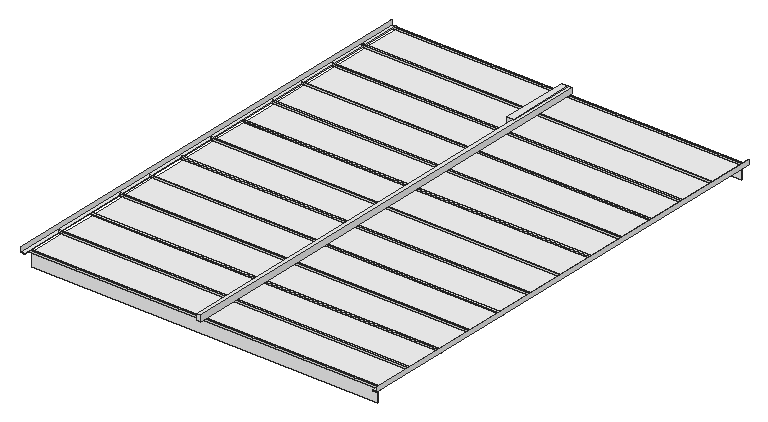
Revit family "Retractable-Canopy_ShadeFX", category Specialty Equipment, Revit 2025
Family settings
  Round Connector Dimension = Use Diameter
  Part Type = Normal
  OmniClass Number = 23.35.00.00
  OmniClass Title = Covering, Cladding, and Finishes
  Work Plane-Based = No
  Enable Cutting in Views = No
  Always vertical = Yes
  Cut with Voids When Loaded = No
  Maintain Annotation Orientation = No
  Shared = No
  Room Calculation Point = No
Parameters
  URL = "https://www.shadefxcanopies.com/"
  Structure Material [instance] = ShadeFX - Aluminum Finish
  Specification = "https://www.arcat.com/company/shadefx-50995/spec"
  Retracted Length [instance] = if(or(Length = 8' 0", Length < 9' 0"), 1' 0 1/4", if(or(Length = 9' 0", Length < 10' 0"), 1' 2 1/4", if(or(Length = 10' 0", Length < 11' 0"), 2' 2 1/4", if(or(Length = 11' 0", Length < 12' 0"), 2' 4 1/4", if(or(Length = 12' 0", Length < 13' 3"), 2' 6 1/4", if(or(Length = 13' 3", Length < 14' 0"), 2' 6 1/4", if(or(Length = 14' 0", Length < 15' 0"), 2' 8 1/4", if(or(Length = 15' 0", Length = 16' 0"), 2' 8 1/4", if(or(Length = 16' 0", Length < 17' 0"), 2' 10 1/4", if(or(Length = 17' 0", Length < 18' 0"), 3' 0 1/4", if(or(Length = 18' 0", Length < 19' 0"), 3' 0 1/4", if(or(Length = 19' 0", Length < 20' 0"), 3' 2 1/4", if(or(Length = 20' 0", Length < 21' 0"), 3' 2 1/4", if(or(Length = 21' 0", Length < 22' 0"), 3' 4 1/4", if(or(Length = 22' 0", Length < 23' 0"), 3' 6 1/4", if(or(Length = 23' 0", Length < 26' 0"), 3' 6 1/4", if(or(Length = 26' 0", Length < 27' 0"), 3' 10 1/4", if(or(Length = 27' 0", Length < 29' 0"), 4' 0 1/4", if(or(Length = 29' 0", Length < 30' 0"), 4' 2 1/4", if(Length = 30' 0", 4' 2 1/4", 1' 0"))))))))))))))))))))  # 3' - 0 1/4"
  Retracted Canopy [instance] = not(Extended Canopy)  # no
  Motor [instance] = yes
  Max Length and Width [instance] = "Contact us (spec@shadefx.com) for > length 30' x width 20'"
  Width [instance] = 14' - 0"
  Product Page URL = "https://www.arcat.com/company/shadefx-50995"
  Model = "Retractable Canopy."  # constant formula
  Manufacturer = "ShadeFX"  # constant formula
  Length [instance] = 18' - 0"
  Keynote = "10 73 16"
  Gutter [instance] = no
  Track Length [instance] = Length - 0' 8"  # 17' - 4"
  Extended Canopy [instance] = yes
  Description = "Single track retractable canopies."  # constant formula
  Default Elevation = 0' - 0"
  Cover Material [instance] = ShadeFX - Fabric Color
  Copyright = "ARCAT"
  CAD Details = "https://www.arcat.com/company/shadefx-50995/cad"
  # of Wings [instance] = if(or(Length = 8' 0", Length < 9' 0"), 6, if(or(Length = 9' 0", Length < 10' 0"), 7, if(or(Length = 10' 0", Length < 11' 0"), 7, if(or(Length = 11' 0", Length < 12' 0"), 8, if(or(Length = 12' 0", Length < 13' 3"), 9, if(or(Length = 13' 3", Length < 14' 0"), 9, if(or(Length = 14' 0", Length < 15' 0"), 10, if(or(Length = 15' 0", Length = 16' 0"), 10, if(or(Length = 16' 0", Length < 17' 0"), 11, if(or(Length = 17' 0", Length < 18' 0"), 12, if(or(Length = 18' 0", Length < 19' 0"), 12, if(or(Length = 19' 0", Length < 20' 0"), 13, if(or(Length = 20' 0", Length < 21' 0"), 13, if(or(Length = 21' 0", Length < 22' 0"), 14, if(or(Length = 22' 0", Length < 23' 0"), 15, if(or(Length = 23' 0", Length < 24' 0"), 15, if(or(Length = 24' 0", Length < 26' 0"), 16, if(or(Length = 26' 0", Length < 27' 0"), 17, if(or(Length = 27' 0", Length < 29' 0"), 18, if(or(Length = 29' 0", Length < 30' 0"), 19, if(Length = 30' 0", 19, 2)))))))))))))))))))))  # 12
Reference planes (in)
  plane 1 "Center (Front/Back)": y = -60
  plane 2: z = 0
  plane 3 "Center (Left/Right)": x = 8.84676
  plane 4: y = -168
  plane 5: x = -75.15324
  plane 6: x = 92.84676
  plane 7: y = 48
  plane 8: x = -71.15324
  plane 9: x = 88.84676
  plane 10: y = -164
  plane 11: y = 44
  plane 12: z = 120
  plane 13: z = 117
  plane 14 "Canopy Host": z = 113.875
  plane 15: y = 13.5
Forms (in)
  Extrusion 1, solid, material "ShadeFX - Aluminum Finish" <- "Structure Material"
    sketch origin (0, -60, 0) x (1, 0, 0) y (0, 0, 1)
      loop
        line (7.95676, 117) -> (7.95676, 114.48) -> (9.73676, 114.48) -> (9.73676, 117) -> (7.95676, 117)
    from -104 to 104
  Extrusion 2, solid, material "ShadeFX - Aluminum Finish" <- "Structure Material", visible <- "Motor"
    sketch origin (0, -60, 0) x (1, 0, 0) y (0, 0, 1)
      loop
        line (5.02676, 117) -> (5.02676, 114.7) -> (7.95676, 114.7) -> (7.95676, 117) -> (5.02676, 117)
    from -104 to -73.5
  Sweep 3, solid, material "ShadeFX - Aluminum Finish" <- "Structure Material"
    path origin (0, 0, 0) x (1, 0, 0) y (0, 1, 0)
      loop
        line (8.84676, 44) -> (8.84676, -164)
    profile origin (8.84676, -60, 0) x (1, 0, 0) y (0, 0, 1)
      loop
        line (-80, 113.875) -> (-78, 113.875) -> (-78, 114) -> (-79.875, 114) -> (-79.875, 115.875) -> (-80, 115.875) -> (-80, 113.875)
      loop
        line (78, 113.875) -> (80, 113.875) -> (80, 115.875) -> (79.875, 115.875) -> (79.875, 114) -> (78, 114) -> (78, 113.875)
Dimensions and locks (in)
  plane 1 "Center (Front/Back)" to nested 1 = 9' - 0"
  nested 2 to nested 1 = 17' - 4"
  nested 1 to nested 1 = 0' - 4"
  nested 1 to nested 2 = 17' - 4"
  plane 1 "Center (Front/Back)" to nested 3 = 8' - 8"
  nested 3 to nested 1 = 17' - 4"
  nested 1 to plane 1 "Center (Front/Back)" = 9' - 0"
  nested 1 to nested 3 = 17' - 4"
  equal spacing: plane 5, plane 3 "Center (Left/Right)", plane 6
  "Width": plane 5 to plane 6
  equal spacing: plane 4, plane 1 "Center (Front/Back)", plane 7
  "Length": plane 7 to plane 4
  equal spacing: plane 11, plane 1 "Center (Front/Back)", plane 10
  "Track Length": plane 11 to plane 10
  plane 12 to plane 2 = 10' - 0"
  plane 13 to plane 12 = 0' - 3"
  locked: plane 13 to plane 14 "Canopy Host" at 3.125
  locked: plane 13 to Extrusion 1 sketch curve at 2.52
  equal spacing: Extrusion 1 sketch curve, plane 3 "Center (Left/Right)", Extrusion 1 sketch curve
  locked: Extrusion 1 sketch curve to Extrusion 1 sketch curve at 1.78
  plane 3 "Center (Left/Right)" to Extrusion 2 sketch curve to Extrusion 2 sketch curve = 0' - 0.89" locked, 0' - 2.93" locked
  locked: Extrusion 2 sketch curve to Extrusion 2 sketch curve at 2.3
  locked: plane 11 to plane 15 at 30.5
  locked: Sweep 3 sketch curve to plane 8 at 2
  locked: Sweep 3 sketch curve to plane 14 "Canopy Host" at 2  (x2)
  locked: plane 9 to Sweep 3 sketch curve at 2
  locked: Sweep 3 sketch curve to plane 9 at 0.125
  locked: Sweep 3 sketch curve to plane 8 at 0.125
  locked: plane 5 to plane 8 at 4
  locked: plane 9 to plane 6 at 4
  aligned and locked: plane 2 to level
  aligned and locked: plane 3 "Center (Left/Right)" to nested 2
  aligned and locked: nested 3 to plane 11
  aligned and locked: plane 3 "Center (Left/Right)" to nested 3
  aligned and locked: nested 2 to plane 11
  aligned and locked: Extrusion 1 sketch curve to plane 13
  aligned and locked: plane 11 to Extrusion 1
  aligned and locked: Extrusion 1 to plane 10
  aligned and locked: plane 14 "Canopy Host" to nested 2
  aligned and locked: plane 14 "Canopy Host" to nested 3
  aligned and locked: Extrusion 2 sketch curve to plane 13
  aligned and locked: plane 15 to Extrusion 2
  aligned and locked: plane 3 "Center (Left/Right)" to nested 1
  aligned and locked: nested 1 to plane 1 "Center (Front/Back)"
  aligned and locked: Sweep 3 sketch curve to plane 3 "Center (Left/Right)"
  aligned and locked: plane 11 to Sweep 3 sketch curve
  aligned and locked: plane 10 to Sweep 3 sketch curve
  aligned and locked: Sweep 3 sketch curve to plane 14 "Canopy Host"
  aligned and locked: Sweep 3 sketch curve to plane 8
  aligned and locked: Sweep 3 sketch curve to plane 9
  aligned and locked: plane 14 "Canopy Host" to Sweep 3 sketch curve
  aligned and locked: plane 11 to Extrusion 2
Automatic sketch dimensions
  Sweep 3 sketch curve to Sweep 3 sketch curve = 0' - 0 1/8"  (x2)
Nested families (in)
  nested 1: "PIS_Support Structure" at (-73.15324, 46, 0), Structure Material <- "Structure Material", type "PIS_Support Structure"
    with W 14' - 0", L 18' - 0", Gutter no
  nested 2: "PIS_Retractable Canopy" at (8.84676, 44, 113.125), visible <- "Retracted Canopy", Track Length <- "Track Length", Retracted Length <- "Retracted Length", Width <- "Width", # of Wings <- "# of Wings", Structure Material <- "Structure Material", Cover Material <- "Cover Material", type "PIS_Retractable Canopy"
    with Width 14' - 0", Track Length 17' - 4", Structure Material ShadeFX - Aluminum Finish, Retracted Length 3' - 0 1/4", Module Length 1' - 5", Cover Material ShadeFX - Fabric Color, # of Wings 12
  nested 3: "PIS_Extended Canopy" at (8.84676, 40.40833, 113.125), visible <- "Extended Canopy", Cover Material <- "Cover Material", Track Length <- "Track Length", Width <- "Width", # of Wings <- "# of Wings", Structure Material <- "Structure Material", type "PIS_Extended Canopy"
    with Width 14' - 0", Track Length 17' - 4", Structure Material ShadeFX - Aluminum Finish, Module Length 1' - 5", Cover Material ShadeFX - Fabric Color, # of Wings 12
Connectors (in)
  electrical at (6.49176, 44, 115.85)
    settings: on Extrusion 2, index 1, voltage 0 V, apparent load 0 VA, apparent load phase1 0 VA, apparent load phase2 0 VA, apparent load phase3 0 VA, power factor 1, load classification "Motor", number of poles 1, system type 31, power factor state 1, is connector primary yes, connector utility no, sub classification motor no, connector description ""
Definition of nested family "PIS_Retractable Canopy"
  Parameters (values of type "PIS_Retractable Canopy")
    Width [instance] = 9' - 4"
    URL = ""
    Track Length [instance] = 8' - 0"
    Structure Material [instance] = none
    Retracted Length [instance] = 0' - 10"
    Module Length [instance] = (Track Length - (Back Offset + Front Offset + 0' 0 3/4")) / # of Wings  # 1' - 3.33333"
    Manufacturer = ""
    Keynote = ""
    Front Offset = 0' - 3 1/4"
    Default Elevation = 4' - 0"
    Cover Material [instance] = none
    Back Offset = 0' - 0"
    # of Wings [instance] = 6
  Reference planes (in)
    plane 1 "Center (Front/Back)": y = 0
    plane 2: z = 0
    plane 3 "Center (Left/Right)": x = 0
    plane 4: y = -10
    plane 5: y = 0
    plane 6: x = -56
    plane 7: x = -51
    plane 8: x = 56
    plane 9: x = 51
  Dimensions and locks (in)
    locked: plane 6 to plane 7 at 5
    locked: plane 8 to plane 9 at 5
    equal spacing: plane 6, plane 3 "Center (Left/Right)", plane 8
    "Width": plane 6 to plane 8
    "Back Offset": plane 5 to plane 1 "Center (Front/Back)"
    "Retracted Length": plane 4 to plane 5
    equal spacing: group 1, group 3, group 4, group 5, group 6, group 2  (x2)
    equal spacing: group 2, group 6, group 5, group 4, group 3, group 1
    aligned and locked: plane 2 to level
    aligned and locked: plane 3 "Center (Left/Right)" to nested 1
    aligned and locked: nested 1 to plane 5
    aligned and locked: plane 4 to nested 2
  Nested families (in)
    nested 1: "PIS_Retracted Shade" at (0, 0, 0), W <- "Width", Module Length <- "Module Length", Structure Material <- "Structure Material", type "PIS_Retracted Shade"
      with Width of Shade 8' - 6", W 9' - 4", Structure Material none, Module Length 1' - 3.33333", Canopy Drop 0' - 10.79167"
    nested 2: "PIS_Retracted Shade" at (0, -9.25, 0), W <- "Width", Module Length <- "Module Length", Structure Material <- "Structure Material", type "PIS_Retracted Shade"
      with Width of Shade 8' - 6", W 9' - 4", Structure Material none, Module Length 1' - 3.33333", Canopy Drop 0' - 10.79167"
    nested 3: "PIS_Retracted Shade" at (0, -1.85, 0), W <- "Width", Module Length <- "Module Length", Structure Material <- "Structure Material", type "PIS_Retracted Shade"
      with Width of Shade 8' - 6", W 9' - 4", Structure Material none, Module Length 1' - 3.33333", Canopy Drop 0' - 10.79167"
    nested 4: "PIS_Retracted Shade" at (0, -3.7, 0), W <- "Width", Module Length <- "Module Length", Structure Material <- "Structure Material", type "PIS_Retracted Shade"
      with Width of Shade 8' - 6", W 9' - 4", Structure Material none, Module Length 1' - 3.33333", Canopy Drop 0' - 10.79167"
    nested 5: "PIS_Retracted Shade" at (0, -5.55, 0), W <- "Width", Module Length <- "Module Length", Structure Material <- "Structure Material", type "PIS_Retracted Shade"
      with Width of Shade 8' - 6", W 9' - 4", Structure Material none, Module Length 1' - 3.33333", Canopy Drop 0' - 10.79167"
    nested 6: "PIS_Retracted Shade" at (0, -7.4, 0), W <- "Width", Module Length <- "Module Length", Structure Material <- "Structure Material", type "PIS_Retracted Shade"
      with Width of Shade 8' - 6", W 9' - 4", Structure Material none, Module Length 1' - 3.33333", Canopy Drop 0' - 10.79167"
  Definition of nested family "PIS_Retracted Shade"
    Parameters (values of type "PIS_Retracted Shade")
      Width of Shade [instance] = W - 0' 10"  # 9' - 4"
      W [instance] = 10' - 2"
      Structure Material [instance] = none
      Shade Material = none
      Module Length [instance] = 0' - 11"
      Default Elevation = 0' - 0"
      Canopy Drop [instance] = 0' 3 1/8" + (Module Length * 0.5)  # 0' - 8 5/8"
    Reference planes (in)
      plane 1 "Center (Front/Back)": y = 0
      plane 2: z = 0
      plane 3 "Center (Left/Right)": x = 0
      plane 4: x = -56
      plane 5: x = 56
      plane 6: x = -54.5
      plane 7: x = 54.5
      plane 8: x = -61
      plane 9: x = 61
      plane 10: y = -0.375
      plane 11: y = -0.4375
      plane 12: y = -0.3125
      plane 13: z = 0.75
      plane 14: z = -4.75
      plane 15: z = 3.875
    Forms (in)
      Extrusion 1, solid, material <- "Structure Material"
        sketch origin (0, 0, 0) x (1, 0, 0) y (0, 1, 0)
          loop
            line (-56, -0.75) -> (56, -0.75) -> (56, 0) -> (-56, 0) -> (-56, -0.75)
        from 0 to 0.75
      Extrusion 2, solid, material <- "Shade Material"
        sketch origin (-54.5, 5.00454, 48) x (0, -1, 0) y (0, 0, 1)
          loop
            line (5.31704, -52.75) -> (5.44204, -52.75) -> (5.44204, -48) -> (5.31704, -48) -> (5.31704, -52.75)
        from 0 to -109
    Dimensions and locks (in)
      equal spacing: plane 4, plane 3 "Center (Left/Right)", plane 5
      locked: plane 4 to plane 6 at 1.5
      locked: plane 7 to plane 5 at 1.5
      "Width of Shade": plane 4 to plane 5
      "W": plane 8 to plane 9
      equal spacing: plane 12, plane 10, plane 11
      locked: plane 11 to plane 12 at 0.125
      locked: Extrusion 1 sketch curve to plane 1 "Center (Front/Back)" at 0.75
      locked: plane 10 to plane 1 "Center (Front/Back)" at 0.375
      locked: plane 13 to plane 2 at 0.75
      "Canopy Drop": plane 15 to plane 14
      locked: plane 15 to plane 13 at 3.125
      locked: plane 8 to plane 4 at 5
      aligned and locked: plane 2 to level
      aligned and locked: plane 4 to Extrusion 1  (x2)
      aligned and locked: Extrusion 1 sketch curve to plane 5
      aligned and locked: plane 4 to Extrusion 1 sketch curve
      aligned and locked: Extrusion 1 sketch curve to plane 1 "Center (Front/Back)"
      aligned and locked: plane 13 to Extrusion 1
      aligned and locked: plane 14 to Extrusion 2 sketch curve
      aligned and locked: plane 2 to Extrusion 2 sketch curve
      aligned and locked: Extrusion 2 sketch curve to plane 12
      aligned and locked: plane 11 to Extrusion 2 sketch curve
      aligned and locked: Extrusion 2 to plane 7
      aligned and locked: plane 6 to Extrusion 2
Definition of nested family "PIS_Extended Canopy"
  Parameters (values of type "PIS_Extended Canopy")
    Width [instance] = 9' - 4"
    URL = ""
    Track Length [instance] = 23' - 0"
    Structure Material [instance] = none
    Front Offset = 0' - 3 1/4"
    Module Length [instance] = (Track Length - (Back Offset + Front Offset + 0' 0 3/4")) / # of Wings  # 1' - 6.13333"
    Manufacturer = ""
    Keynote = ""
    Default Elevation = 4' - 0"
    Cover Material [instance] = none
    Back Offset = 0' - 0"
    # of Wings [instance] = 15
  Reference planes (in)
    plane 1 "Center (Front/Back)": y = 3.59167
    plane 2: z = 0
    plane 3 "Center (Left/Right)": x = 0
    plane 4: y = 2.84167
    plane 5: y = -15.29167
    plane 6: z = 0.75
    plane 7: x = -56
    plane 8: x = 56
    plane 9: x = -51
    plane 10: x = 51
    plane 11: y = -269.15833
    plane 12: y = -272.40833
    plane 13: y = 3.59167
    plane 14: x = -52
    plane 15: x = 52
    plane 16: x = -49.5
    plane 17: x = 49.5
  Forms (in)
    Extrusion 1, solid, material <- "Structure Material"
      sketch origin (0, 0, 0) x (0, 1, 0) y (0, 0, 1)
        loop
          line (3.59167, 0.75) -> (2.84167, 0.75) -> (2.84167, 0) -> (3.59167, 0) -> (3.59167, 0.75)
      from -51 to 51
    Extrusion 2, solid, material <- "Cover Material"
      sketch origin (-51, 8.08845, 216) x (0, 1, 0) y (0, 0, 1)
        loop
          line (-276.87178, -216) -> (-276.93428, -216) -> (-276.93428, -222) -> (-276.87178, -222) -> (-276.87178, -216)
        loop
          line (-4.8272, -216) -> (-4.8897, -216) -> (-4.8897, -222) -> (-4.8272, -222) -> (-4.8272, -216)
      from 1.5 to 100.5
  Dimensions and locks (in)
    locked: plane 13 to plane 4 at 0.75
    "Module Length": plane 4 to plane 5
    locked: plane 6 to plane 2 at 0.75
    equal spacing: plane 7, plane 3 "Center (Left/Right)", plane 8
    "Width": plane 7 to plane 8
    plane 7 to plane 14 to plane 9 = 0' - 4" locked, 0' - 1" locked
    plane 10 to plane 15 to plane 8 = 0' - 1" locked, 0' - 4" locked
    "Front Offset": plane 11 to plane 12
    equal spacing: group 1, group 3, group 4, group 5, group 6, group 7, group 8, group 9, group 10, group 11, group 12, group 13, group 14, group 15, group 2  (x2)
    equal spacing: group 2, group 15, group 14, group 13, group 12, group 11, group 10, group 9, group 8, group 7, group 6, group 5, group 4, group 3, group 1
    plane 1 "Center (Front/Back)" to plane 13 = 0' - 0"
    "Back Offset": plane 1 "Center (Front/Back)" to plane 13
    "Track Length": plane 1 "Center (Front/Back)" to plane 12
    locked: plane 2 to Extrusion 2 sketch curve at 6  (x2)
    Extrusion 2 sketch curve to Extrusion 2 sketch curve to plane 11 = 0' - 0 1/16" locked, 0' - 0 5/16" locked
    plane 13 to Extrusion 2 sketch curve to Extrusion 2 sketch curve = 0' - 0.33042" locked, 0' - 0 1/16" locked
    locked: plane 9 to plane 16 at 1.5
    locked: plane 17 to plane 10 at 1.5
    aligned and locked: plane 2 to level
    aligned and locked: plane 3 "Center (Left/Right)" to nested 1
    aligned and locked: nested 1 to plane 4
    aligned and locked: plane 6 to Extrusion 1 sketch curve
    aligned and locked: plane 4 to Extrusion 1 sketch curve
    aligned and locked: plane 2 to Extrusion 1 sketch curve
    aligned and locked: Extrusion 1 to plane 9
    aligned and locked: plane 10 to Extrusion 1
    aligned and locked: nested 2 to plane 11
    aligned and locked: plane 13 to Extrusion 1 sketch curve
    aligned and locked: plane 2 to Extrusion 2 sketch curve
    aligned and locked: Extrusion 2 sketch curve to plane 2
    aligned and locked: plane 16 to Extrusion 2
    aligned and locked: Extrusion 2 to plane 17
  Nested families (in)
    nested 1: "PIS_Extended Shade" at (1.98455, 3.71667, 0), Cover Material <- "Cover Material", Module Length <- "Module Length", W <- "Width", Structure Material <- "Structure Material", type "PIS_Extended Shade"
      with Width of Extended Canopy 8' - 6", W 9' - 4", Structure Material none, Module Length 1' - 6.13333", Cover Material none
    nested 2: "PIS_Extended Shade" at (1.98455, -250.15, 0), Cover Material <- "Cover Material", Module Length <- "Module Length", W <- "Width", Structure Material <- "Structure Material", type "PIS_Extended Shade"
      with Width of Extended Canopy 8' - 6", W 9' - 4", Structure Material none, Module Length 1' - 6.13333", Cover Material none
    nested 3: "PIS_Extended Shade" at (1.98455, -14.41667, 0), Cover Material <- "Cover Material", Module Length <- "Module Length", W <- "Width", Structure Material <- "Structure Material", type "PIS_Extended Shade"
      with Width of Extended Canopy 8' - 6", W 9' - 4", Structure Material none, Module Length 1' - 6.13333", Cover Material none
    nested 4: "PIS_Extended Shade" at (1.98455, -32.55, 0), Cover Material <- "Cover Material", Module Length <- "Module Length", W <- "Width", Structure Material <- "Structure Material", type "PIS_Extended Shade"
      with Width of Extended Canopy 8' - 6", W 9' - 4", Structure Material none, Module Length 1' - 6.13333", Cover Material none
    nested 5: "PIS_Extended Shade" at (1.98455, -50.68333, 0), Cover Material <- "Cover Material", Module Length <- "Module Length", W <- "Width", Structure Material <- "Structure Material", type "PIS_Extended Shade"
      with Width of Extended Canopy 8' - 6", W 9' - 4", Structure Material none, Module Length 1' - 6.13333", Cover Material none
    nested 6: "PIS_Extended Shade" at (1.98455, -68.81667, 0), Cover Material <- "Cover Material", Module Length <- "Module Length", W <- "Width", Structure Material <- "Structure Material", type "PIS_Extended Shade"
      with Width of Extended Canopy 8' - 6", W 9' - 4", Structure Material none, Module Length 1' - 6.13333", Cover Material none
    nested 7: "PIS_Extended Shade" at (1.98455, -86.95, 0), Cover Material <- "Cover Material", Module Length <- "Module Length", W <- "Width", Structure Material <- "Structure Material", type "PIS_Extended Shade"
      with Width of Extended Canopy 8' - 6", W 9' - 4", Structure Material none, Module Length 1' - 6.13333", Cover Material none
    nested 8: "PIS_Extended Shade" at (1.98455, -105.08333, 0), Cover Material <- "Cover Material", Module Length <- "Module Length", W <- "Width", Structure Material <- "Structure Material", type "PIS_Extended Shade"
      with Width of Extended Canopy 8' - 6", W 9' - 4", Structure Material none, Module Length 1' - 6.13333", Cover Material none
    nested 9: "PIS_Extended Shade" at (1.98455, -123.21667, 0), Cover Material <- "Cover Material", Module Length <- "Module Length", W <- "Width", Structure Material <- "Structure Material", type "PIS_Extended Shade"
      with Width of Extended Canopy 8' - 6", W 9' - 4", Structure Material none, Module Length 1' - 6.13333", Cover Material none
    nested 10: "PIS_Extended Shade" at (1.98455, -141.35, 0), Cover Material <- "Cover Material", Module Length <- "Module Length", W <- "Width", Structure Material <- "Structure Material", type "PIS_Extended Shade"
      with Width of Extended Canopy 8' - 6", W 9' - 4", Structure Material none, Module Length 1' - 6.13333", Cover Material none
    nested 11: "PIS_Extended Shade" at (1.98455, -159.48333, 0), Cover Material <- "Cover Material", Module Length <- "Module Length", W <- "Width", Structure Material <- "Structure Material", type "PIS_Extended Shade"
      with Width of Extended Canopy 8' - 6", W 9' - 4", Structure Material none, Module Length 1' - 6.13333", Cover Material none
    nested 12: "PIS_Extended Shade" at (1.98455, -177.61667, 0), Cover Material <- "Cover Material", Module Length <- "Module Length", W <- "Width", Structure Material <- "Structure Material", type "PIS_Extended Shade"
      with Width of Extended Canopy 8' - 6", W 9' - 4", Structure Material none, Module Length 1' - 6.13333", Cover Material none
    nested 13: "PIS_Extended Shade" at (1.98455, -195.75, 0), Cover Material <- "Cover Material", Module Length <- "Module Length", W <- "Width", Structure Material <- "Structure Material", type "PIS_Extended Shade"
      with Width of Extended Canopy 8' - 6", W 9' - 4", Structure Material none, Module Length 1' - 6.13333", Cover Material none
    nested 14: "PIS_Extended Shade" at (1.98455, -213.88333, 0), Cover Material <- "Cover Material", Module Length <- "Module Length", W <- "Width", Structure Material <- "Structure Material", type "PIS_Extended Shade"
      with Width of Extended Canopy 8' - 6", W 9' - 4", Structure Material none, Module Length 1' - 6.13333", Cover Material none
    nested 15: "PIS_Extended Shade" at (1.98455, -232.01667, 0), Cover Material <- "Cover Material", Module Length <- "Module Length", W <- "Width", Structure Material <- "Structure Material", type "PIS_Extended Shade"
      with Width of Extended Canopy 8' - 6", W 9' - 4", Structure Material none, Module Length 1' - 6.13333", Cover Material none
  Definition of nested family "PIS_Extended Shade"
    Parameters (values of type "PIS_Extended Shade")
      Width of Extended Canopy [instance] = W - 0' 10"  # 8' - 0"
      W [instance] = 8' - 10"
      Structure Material [instance] = none
      Module Length [instance] = 1' - 2 5/8"
      Default Elevation = 0' - 0"
      Cover Material [instance] = none
    Reference planes (in)
      plane 1 "Center (Front/Back)": y = -0.875
      plane 2: z = 0
      plane 3 "Center (Left/Right)": x = -1.98455
      plane 4: x = -54.98455
      plane 5: x = 51.01545
      plane 6: x = -49.98455
      plane 7: x = 46.01545
      plane 8: y = -15.5
      plane 9: y = -14.75
      plane 10: x = -48.48455
      plane 11: x = 44.51545
    Forms (in)
      Extrusion 1, solid, material <- "Cover Material"
        sketch origin (0, 0, 0) x (1, 0, 0) y (0, 1, 0)
          loop
            line (-48.48455, -14.75) -> (44.51545, -14.75) -> (44.51545, -0.875) -> (-48.48455, -0.875) -> (-48.48455, -14.75)
        from 0 to 0.0625
      Extrusion 2, solid, material <- "Structure Material"
        sketch origin (0, 0, 0) x (1, 0, 0) y (0, 1, 0)
          loop
            line (-49.98455, -14.75) -> (-49.98455, -15.5) -> (46.01545, -15.5) -> (46.01545, -14.75) -> (-49.98455, -14.75)
        from 0 to 0.75
    Dimensions and locks (in)
      equal spacing: plane 4, plane 3 "Center (Left/Right)", plane 5
      "W": plane 4 to plane 5
      plane 4 to plane 6 = 0' - 5"
      "Width of Extended Canopy": plane 6 to plane 7
      plane 8 to plane 1 "Center (Front/Back)" = 1' - 2 5/8"
      plane 9 to plane 8 = 0' - 0 3/4"
      "Module Length": plane 8 to plane 1 "Center (Front/Back)"
      locked: plane 6 to plane 10 at 1.5
      locked: plane 11 to plane 7 at 1.5
      aligned and locked: plane 2 to level
      aligned and locked: Extrusion 2 to plane 6
      aligned and locked: Extrusion 2 to plane 8
      aligned and locked: Extrusion 2 to Extrusion 1
      aligned and locked: plane 9 to Extrusion 2 sketch curve
      aligned and locked: Extrusion 2 sketch curve to plane 7
      aligned and locked: Extrusion 1 sketch curve to plane 1 "Center (Front/Back)"
      aligned and locked: Extrusion 1 to plane 2
      aligned and locked: Extrusion 1 sketch curve to plane 10
      aligned and locked: Extrusion 1 sketch curve to plane 11
    Automatic sketch dimensions
      plane 9 to Extrusion 1 sketch curve = 0' - 0"
      Extrusion 2 sketch curve to plane 6 = 0' - 0"
      Extrusion 2 sketch curve to plane 8 = 0' - 0"
Definition of nested family "PIS_Support Structure"
  Parameters (values of type "PIS_Support Structure")
    W = 10' - 0"
    Support 4 = no
    Support 3 = no
    Support 2 = no
    Support 1 = no
    Structure Material [instance] = none
    Right Support = no
    Left Support = no
    L = 12' - 0"
    Height of Support = 10' - 0"
    Gutter = yes
    Front Support = no
    Default Elevation = 0' - 0"
    Center Ridge = no
    Back Support = no
  Reference planes (in)
    plane 1: y = 0
    plane 2: z = 0
    plane 3: x = 0
    plane 4: y = -140
    plane 5: x = 116
    plane 6 "Center (Left/Right)": x = 58
    plane 7: z = 120
    plane 8: z = 117
    plane 9: z = 116
    plane 10: z = 119
    plane 11: x = -2
    plane 12: x = 2
    plane 13: x = 114
    plane 14: x = 118
    plane 15: y = -142
    plane 16: y = -138
    plane 17: y = -2
    plane 18: y = 2
    plane 19: z = 106
    plane 20: z = 102
    plane 21 "Center (Front/Back)": y = -70
    plane 22: x = 114.25
    plane 23: x = 1.75
  Forms (in)
    Extrusion 1, solid, material <- "Structure Material", visible <- "Support 2"
      sketch origin (0, -212, 0) x (1, 0, 0) y (0, 1, 0)
        loop
          line (-2, 74) -> (-2, 70) -> (2, 70) -> (2, 74) -> (-2, 74)
        loop
          line (-1.75, 73.75) -> (-1.75, 70.25) -> (1.75, 70.25) -> (1.75, 73.75) -> (-1.75, 73.75)
      from 6 to 120
    Extrusion 2, solid, material <- "Structure Material", visible <- "Support 1"
      sketch origin (0, 0, 0) x (1, 0, 0) y (0, 1, 0)
        loop
          line (-2, 2) -> (-2, -2) -> (2, -2) -> (2, 2) -> (-2, 2)
        loop
          line (-1.75, 1.75) -> (-1.75, -1.75) -> (1.75, -1.75) -> (1.75, 1.75) -> (-1.75, 1.75)
      from 6 to 120
    Extrusion 3, solid, material <- "Structure Material", visible <- "Support 3"
      sketch origin (212, 0, 0) x (1, 0, 0) y (0, 1, 0)
        loop
          line (-98, 2) -> (-98, -2) -> (-94, -2) -> (-94, 2) -> (-98, 2)
        loop
          line (-97.75, 1.75) -> (-97.75, -1.75) -> (-94.23695, -1.75) -> (-94.23695, 1.75) -> (-97.75, 1.75)
      from 6 to 120
    Extrusion 4, solid, material <- "Structure Material", visible <- "Support 4"
      sketch origin (212, -212, 0) x (1, 0, 0) y (0, 1, 0)
        loop
          line (-98, 74) -> (-98, 70) -> (-94, 70) -> (-94, 74) -> (-98, 74)
        loop
          line (-97.75, 73.75) -> (-97.75, 70.25) -> (-94.25, 70.25) -> (-94.25, 73.75) -> (-97.75, 73.75)
      from 6 to 120
    Extrusion 5, solid, material <- "Structure Material", visible <- "Left Support"
      sketch origin (0, 0, 0) x (1, 0, 0) y (0, 0, 1)
        loop
          line (-2, 120) -> (-2, 116) -> (2, 116) -> (2, 120) -> (-2, 120)
        loop
          line (-1.75, 119.75) -> (-1.75, 116.25) -> (1.75, 116.25) -> (1.75, 119.75) -> (-1.75, 119.75)
      from 2 to 138
    Extrusion 6, solid, material <- "Structure Material", visible <- "Right Support"
      sketch origin (212, 0, 0) x (1, 0, 0) y (0, 0, 1)
        loop
          line (-98, 120) -> (-98, 116) -> (-94, 116) -> (-94, 120) -> (-98, 120)
        loop
          line (-97.75, 119.75) -> (-97.75, 116.25) -> (-94.25, 116.25) -> (-94.25, 119.75) -> (-97.75, 119.75)
      from 2 to 138
    Extrusion 7, solid, material <- "Structure Material", visible <- "Back Support"
      sketch origin (106, 0, 0) x (0, -1, 0) y (0, 0, 1)
        loop
          line (-2, 120) -> (-2, 116) -> (2, 116) -> (2, 120) -> (-2, 120)
        loop
          line (-1.75, 119.75) -> (-1.75, 116.25) -> (1.75, 116.25) -> (1.75, 119.75) -> (-1.75, 119.75)
      from -8 to 104
    Extrusion 8, solid, material <- "Structure Material", visible <- "Front Support"
      sketch origin (106, -212, 0) x (0, -1, 0) y (0, 0, 1)
        loop
          line (-74, 120) -> (-74, 116) -> (-70, 116) -> (-70, 120) -> (-74, 120)
        loop
          line (-73.75, 119.75) -> (-73.75, 116.25) -> (-70.25, 116.25) -> (-70.25, 119.75) -> (-73.75, 119.75)
      from -8 to 104
    Extrusion 9, solid, material <- "Structure Material", visible <- "Center Ridge"
      sketch origin (-2, 0, 0) x (1, 0, 0) y (0, 1, 0)
        loop
          line (57.375, -2) -> (57.375, -138) -> (62.625, -138) -> (62.625, -2) -> (57.375, -2)
      from 117 to 120
    Extrusion 10, solid, material <- "Structure Material", visible <- "Gutter"
      sketch origin (0, 0, 0) x (1, 0, 0) y (0, 0, 1)
        loop
          line (5.5, 106) -> (5.5, 102.25) -> (2, 102.25) -> (2, 106) -> (1.75, 106) -> (1.75, 102) -> (5.75, 102) -> (5.75, 106) -> (5.5, 106)
      from 2 to 138
    Extrusion 11, solid, material <- "Structure Material", visible <- "Gutter"
      sketch origin (212, 0, 0) x (1, 0, 0) y (0, 0, 1)
        loop
          line (-98, 106) -> (-98, 102.25) -> (-101.5, 102.25) -> (-101.5, 106) -> (-101.75, 106) -> (-101.75, 102) -> (-97.75, 102) -> (-97.75, 106) -> (-98, 106)
      from 2 to 138
    Extrusion 12, solid, material <- "Structure Material", visible <- "Gutter"
      sketch origin (0, 0, 0) x (0, 1, 0) y (0, 0, 1)
        loop
          line (-2, 116) -> (-138, 116) -> (-138, 106) -> (-2, 106) -> (-2, 116)
      from 1.75 to 2
    Extrusion 13, solid, material <- "Structure Material", visible <- "Gutter"
      sketch origin (219.25, 0, 0) x (0, 1, 0) y (0, 0, 1)
        loop
          line (-2, 116) -> (-138, 116) -> (-138, 106) -> (-2, 106) -> (-2, 116)
      from -105.25 to -105
  Dimensions and locks (in)
    Extrusion 9 sketch curve to plane 6 "Center (Left/Right)" to Extrusion 9 sketch curve = 0' - 2 5/8" locked, 0' - 2 5/8" locked
    "Height of Support": plane 7 to level
    locked: plane 7 to plane 8 at 3
    locked: plane 7 to plane 9 at 4
    locked: plane 10 to plane 7 at 1
    locked: plane 11 to plane 12 at 4
    equal spacing: plane 11, plane 3, plane 12
    locked: plane 13 to plane 14 at 4
    equal spacing: plane 13, plane 5, plane 14
    locked: plane 18 to plane 17 at 4
    equal spacing: plane 18, plane 1, plane 17
    locked: plane 16 to plane 15 at 4
    equal spacing: plane 16, plane 4, plane 15
    "W": plane 11 to plane 14
    equal spacing: plane 3, plane 6 "Center (Left/Right)", plane 5
    "L": plane 18 to plane 15
    locked: plane 19 to plane 20 at 4
    locked: plane 7 to plane 20 at 18
    equal spacing: plane 18, plane 21 "Center (Front/Back)", plane 15
    locked: Extrusion 11 sketch curve to Extrusion 11 sketch curve at 0.25  (x3)
    locked: plane 13 to plane 22 at 0.25
    locked: Extrusion 10 sketch curve to Extrusion 10 sketch curve at 0.25  (x3)
    locked: plane 23 to plane 12 at 0.25
    aligned and locked: level to plane 2
    aligned and locked: Extrusion 9 to Extrusion 7  (x2)
    aligned and locked: Extrusion 9 to Extrusion 8
    aligned and locked: Extrusion 1 to plane 7
    aligned and locked: Extrusion 5 to plane 7
    aligned and locked: Extrusion 2 to plane 7
    aligned and locked: plane 7 to Extrusion 1
    aligned and locked: Extrusion 8 to plane 7
    aligned and locked: Extrusion 7 to plane 7
    aligned and locked: plane 7 to Extrusion 8
    aligned and locked: Extrusion 9 to plane 7
    aligned and locked: Extrusion 4 to plane 7
    aligned and locked: Extrusion 6 to plane 7
    aligned and locked: Extrusion 3 to plane 7
    aligned and locked: plane 7 to Extrusion 4
    aligned and locked: plane 8 to Extrusion 9
    aligned and locked: plane 9 to Extrusion 8
    aligned and locked: plane 9 to Extrusion 7
    aligned and locked: Extrusion 8 to plane 9  (x4)
    aligned and locked: plane 9 to Extrusion 5  (x8)
    aligned and locked: plane 9 to Extrusion 6
    aligned and locked: plane 3 to nested 1
    aligned and locked: plane 3 to nested 4
    aligned and locked: nested 2 to plane 5
    aligned and locked: nested 3 to plane 5
    aligned and locked: plane 4 to nested 3
    aligned and locked: plane 4 to nested 4
    aligned and locked: plane 1 to nested 1
    aligned and locked: plane 1 to nested 2
    aligned and locked: Extrusion 1 to nested 4
    aligned and locked: Extrusion 2 to nested 1
    aligned and locked: Extrusion 3 to nested 2
    aligned and locked: Extrusion 4 to nested 3
    aligned and locked: plane 11 to Extrusion 2
    aligned and locked: plane 11 to Extrusion 5
    aligned and locked: Extrusion 2 to plane 12
    aligned and locked: Extrusion 5 to plane 12
    aligned and locked: Extrusion 7 to Extrusion 2
    aligned and locked: Extrusion 7 to Extrusion 3
    aligned and locked: Extrusion 6 to Extrusion 3
    aligned and locked: Extrusion 6 to Extrusion 4
    aligned and locked: Extrusion 8 to Extrusion 4
    aligned and locked: Extrusion 8 to Extrusion 1
    aligned and locked: Extrusion 5 to Extrusion 1
    aligned and locked: plane 13 to Extrusion 3
    aligned and locked: plane 13 to Extrusion 4
    aligned and locked: plane 18 to Extrusion 2
    aligned and locked: plane 18 to Extrusion 7
    aligned and locked: plane 18 to Extrusion 3
    aligned and locked: Extrusion 1 to plane 15
    aligned and locked: Extrusion 8 to plane 15
    aligned and locked: Extrusion 4 to plane 15
    aligned and locked: plane 16 to Extrusion 4
    aligned and locked: plane 16 to Extrusion 1
    aligned and locked: Extrusion 11 to Extrusion 2
    aligned and locked: Extrusion 11 to Extrusion 1
    aligned and locked: Extrusion 10 to Extrusion 1
    aligned and locked: Extrusion 10 to Extrusion 2
    aligned and locked: Extrusion 12 sketch curve to Extrusion 5  (x2)
    aligned and locked: Extrusion 12 sketch curve to Extrusion 10
    aligned and locked: Extrusion 1 to Extrusion 12  (x2)
    aligned and locked: plane 19 to Extrusion 13
    aligned and locked: Extrusion 13 to plane 9
    aligned and locked: Extrusion 3 to Extrusion 13
    aligned and locked: Extrusion 13 to plane 22
    aligned and locked: Extrusion 2 to Extrusion 12
    aligned and locked: plane 23 to Extrusion 12
  Automatic sketch dimensions
    Extrusion 1 sketch curve to plane 11 = 0' - 0"
    plane 12 to Extrusion 1 sketch curve = 0' - 0"
    Extrusion 1 sketch curve to plane 15 = 0' - 0"
    Extrusion 1 sketch curve to plane 16 = 0' - 0"
    Extrusion 1 sketch curve to plane 11 = 0' - 0 1/4"
    plane 12 to Extrusion 1 sketch curve = 0' - 0 1/4"
    plane 15 to Extrusion 1 sketch curve = 0' - 0 1/4"
    Extrusion 1 sketch curve to plane 16 = 0' - 0 1/4"
    Extrusion 2 sketch curve to plane 11 = 0' - 0"
    Extrusion 2 sketch curve to plane 12 = 0' - 0"
    Extrusion 2 sketch curve to plane 17 = 0' - 0"
    Extrusion 2 sketch curve to plane 18 = 0' - 0"
    Extrusion 2 sketch curve to plane 11 = 0' - 0 1/4"
    plane 12 to Extrusion 2 sketch curve = 0' - 0 1/4"
    plane 17 to Extrusion 2 sketch curve = 0' - 0 1/4"
    Extrusion 2 sketch curve to plane 18 = 0' - 0 1/4"
    Extrusion 3 sketch curve to plane 13 = 0' - 0"
    Extrusion 3 sketch curve to plane 22 = 0' - 0"
    Extrusion 3 sketch curve to plane 14 = 0' - 0"
    Extrusion 3 sketch curve to plane 17 = 0' - 0"
    Extrusion 3 sketch curve to plane 18 = 0' - 0"
    plane 14 to Extrusion 3 sketch curve = 0' - 0.23695"
    plane 17 to Extrusion 3 sketch curve = 0' - 0 1/4"
    Extrusion 3 sketch curve to plane 18 = 0' - 0 1/4"
    Extrusion 4 sketch curve to plane 13 = 0' - 0"
    Extrusion 4 sketch curve to plane 22 = 0' - 0"
    Extrusion 4 sketch curve to plane 14 = 0' - 0"
    Extrusion 4 sketch curve to plane 15 = 0' - 0"
    Extrusion 4 sketch curve to plane 16 = 0' - 0"
    plane 14 to Extrusion 4 sketch curve = 0' - 0 1/4"
    plane 15 to Extrusion 4 sketch curve = 0' - 0 1/4"
    Extrusion 4 sketch curve to plane 16 = 0' - 0 1/4"
    Extrusion 5 sketch curve to plane 9 = 0' - 0"
    plane 11 to Extrusion 5 sketch curve = 0' - 0"
    Extrusion 5 sketch curve to plane 7 = 0' - 0"
    plane 12 to Extrusion 5 sketch curve = 0' - 0"
    Extrusion 5 sketch curve to plane 11 = 0' - 0 1/4"
    plane 12 to Extrusion 5 sketch curve = 0' - 0 1/4"
    Extrusion 5 sketch curve to plane 9 = 0' - 0 1/4"
    plane 7 to Extrusion 5 sketch curve = 0' - 0 1/4"
    Extrusion 6 sketch curve to plane 9 = 0' - 0"
    plane 13 to Extrusion 6 sketch curve = 0' - 0"
    plane 22 to Extrusion 6 sketch curve = 0' - 0"
    Extrusion 6 sketch curve to plane 7 = 0' - 0"
    plane 14 to Extrusion 6 sketch curve = 0' - 0"
    plane 14 to Extrusion 6 sketch curve = 0' - 0 1/4"
    Extrusion 6 sketch curve to plane 9 = 0' - 0 1/4"
    plane 7 to Extrusion 6 sketch curve = 0' - 0 1/4"
    plane 9 to Extrusion 7 sketch curve = 0' - 0"
    Extrusion 7 sketch curve to plane 18 = 0' - 0"
    plane 7 to Extrusion 7 sketch curve = 0' - 0"
    Extrusion 7 sketch curve to plane 17 = 0' - 0"
    Extrusion 7 sketch curve to plane 18 = 0' - 0 1/4"
    plane 17 to Extrusion 7 sketch curve = 0' - 0 1/4"
    Extrusion 7 sketch curve to plane 9 = 0' - 0 1/4"
    plane 7 to Extrusion 7 sketch curve = 0' - 0 1/4"
    plane 9 to Extrusion 8 sketch curve = 0' - 0"
    Extrusion 8 sketch curve to plane 16 = 0' - 0"
    plane 7 to Extrusion 8 sketch curve = 0' - 0"
    Extrusion 8 sketch curve to plane 15 = 0' - 0"
    Extrusion 8 sketch curve to plane 16 = 0' - 0 1/4"
    plane 15 to Extrusion 8 sketch curve = 0' - 0 1/4"
    Extrusion 8 sketch curve to plane 9 = 0' - 0 1/4"
    plane 7 to Extrusion 8 sketch curve = 0' - 0 1/4"
    Extrusion 9 sketch curve to plane 16 = 0' - 0"
    Extrusion 9 sketch curve to plane 17 = 0' - 0"
    Extrusion 10 sketch curve to plane 19 = 0' - 0"  (x2)
    Extrusion 10 sketch curve to plane 20 = 0' - 0"
    plane 12 to Extrusion 10 sketch curve = 0' - 0"
    Extrusion 10 sketch curve to plane 12 = 0' - 3 1/2"
    Extrusion 11 sketch curve to plane 19 = 0' - 0"  (x2)
    Extrusion 11 sketch curve to plane 20 = 0' - 0"
    plane 13 to Extrusion 11 sketch curve = 0' - 0"
    plane 13 to Extrusion 11 sketch curve = 0' - 3 1/2"
    plane 9 to Extrusion 13 sketch curve = 0' - 0"
    Extrusion 13 sketch curve to plane 16 = 0' - 0"
    Extrusion 13 sketch curve to plane 17 = 0' - 0"
    plane 19 to Extrusion 13 sketch curve = 0' - 0"
    plane 19 to Extrusion 12 sketch curve = 0' - 0"
  Nested families (in)
    nested 1: "PIS_Base Support" at (0, 0, 0), visible <- "Support 1", Material <- "Structure Material", type "PIS_Base Support"
      with Material none
    nested 2: "PIS_Base Support" at (116, 0, 0), visible <- "Support 3", Material <- "Structure Material", type "PIS_Base Support"
      with Material none
    nested 3: "PIS_Base Support" at (116, -140, 0), visible <- "Support 4", Material <- "Structure Material", type "PIS_Base Support"
      with Material none
    nested 4: "PIS_Base Support" at (0, -140, 0), visible <- "Support 2", Material <- "Structure Material", type "PIS_Base Support"
      with Material none
  Definition of nested family "PIS_Base Support"
    Parameters (values of type "PIS_Base Support")
      Material [instance] = none
      Default Elevation = 0' - 0"
    Reference planes (in)
      plane 1 "Center (Front/Back)": y = 0
      plane 2: z = 0
      plane 3 "Center (Left/Right)": x = 0
    Forms (in)
      Extrusion 1, solid, material <- "Material"
        sketch origin (0, 0, 0) x (1, 0, 0) y (0, 1, 0)
          loop
            line (3.655, 3.655) -> (-3.655, 3.655) -> (-3.655, -3.655) -> (3.655, -3.655) -> (3.655, 3.655)
        from 0 to 5.23828
      Blend 2, solid, material <- "Material"
        base sketch origin (0, 0, 0) x (1, 0, 0) y (0, 1, 0)
          loop
            line (-3.655, 3.655) -> (-3.655, -3.655) -> (3.655, -3.655) -> (3.655, 3.655) -> (-3.655, 3.655)
        top sketch origin (0, 0, 0) x (1, 0, 0) y (0, 1, 0)
          loop
            line (-2, 2) -> (-2, -2) -> (2, -2) -> (2, 2) -> (-2, 2)
        from 5.23828 to 6
    Dimensions and locks (in)
      aligned and locked: plane 2 to level
      aligned and locked: Blend 2 to Extrusion 1
